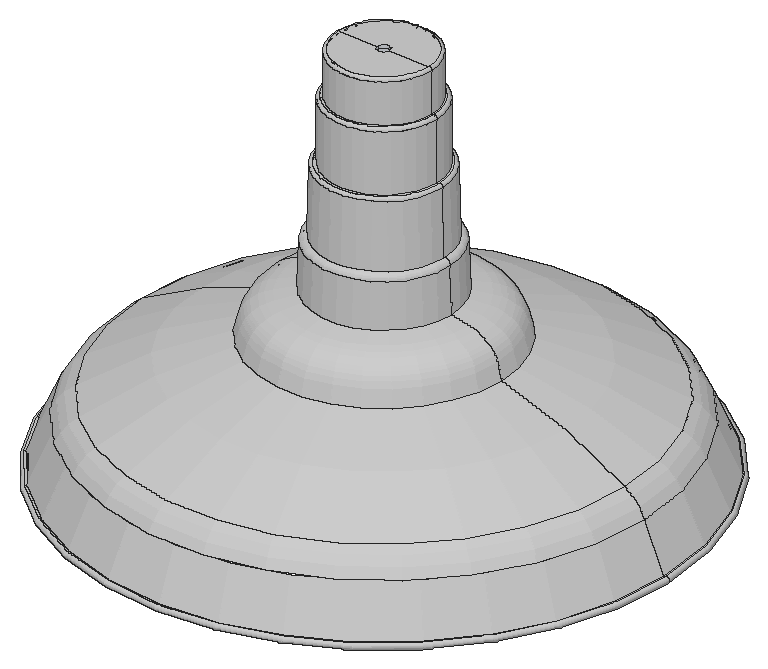
Revit family "W524 SHADE", category Lighting Fixtures, Revit 2024
Family settings
  Round Connector Dimension = Use Diameter
  Part Type = Normal
  OmniClass Number = 23.80.70.00
  OmniClass Title = Lighting
  Work Plane-Based = No
  Always vertical = Yes
  Cut with Voids When Loaded = No
  Light Source = Yes
  Maintain Annotation Orientation = No
  Shared = No
  Room Calculation Point = No
Parameters
  Wattage = 12.1178 W
  built-in parameter 1150110 = 1 (stored number, unit not read)
  built-in parameter 1114217 = 1 (stored number, unit not read)
  built-in parameter 1150109 = 1 (stored number, unit not read)
  built-in parameter 1150134 = (empty or 0)
  built-in parameter 1150113 = 1 (stored number, unit not read)
  Lumens = 1800 lm
  built-in parameter 1150115 = 1 (stored number, unit not read)
  built-in parameter 1150105 = 572.96 (stored number, unit not read)
  Light Source Symbol Size = 2' - 0"
  built-in parameter 1150137 = (empty or 0)
  built-in parameter 1150139 = (empty or 0)
  built-in parameter 1150112 = 1 (stored number, unit not read)
  built-in parameter 1150114 = 1 (stored number, unit not read)
  built-in parameter 1150132 = 2
  built-in parameter 1150102 = (empty or 0)
  built-in parameter 1150138 = (empty or 0)
  built-in parameter 1150107 = 3000 (stored number, unit not read)
  built-in parameter 1150106 = 5.7296 (stored number, unit not read)
  built-in parameter 1150104 = 13.8 (stored number, unit not read)
  Dimming Lamp Color Temperature Shift = (empty or 0)
  Default Elevation = 0' - 0"
  Color Filter = 16777215
  built-in parameter 1114218 = 1 (stored number, unit not read)
  built-in parameter 1150133 = 10 (stored number, unit not read)
Reference planes (in)
  plane 1 "Light Source Axis (F/B)": y = 0
  plane 2: z = 0
  plane 3 "Light Source Axis (L/R)": x = 0
  plane 4 "Light Source Elevation": z = 84
Forms (in)
  Revolve 1, solid
    sketch origin (0, 0, 0) x (1, 0, 0) y (0, 0, 1)
      loop
        line (-0.25, 100) -> (-1.89838, 100)
        arc (-1.89838, 100) -> (-1.98177, 99.96546) -> (-2.01631, 99.88206) r 0.11794
        line (-2.01631, 99.88206) -> (-2.01631, 98.24411) -> (-2.10903, 98.24411)
        arc (-2.10903, 98.24411) -> (-2.19741, 98.2075) -> (-2.23403, 98.11911) r 0.125
        line (-2.23403, 98.11911) -> (-2.23403, 95.74411) -> (-2.3524, 95.74411)
        arc (-2.3524, 95.74411) -> (-2.43965, 95.70864) -> (-2.47741, 95.62235) r 0.12504
        line (-2.47741, 95.62235) -> (-2.54587, 93.01911)
        arc (-2.54587, 93.01911) -> (-2.71991, 92.94858) -> (-2.79575, 92.77678) r 0.25
        line (-2.79575, 92.77678) -> (-2.8509, 90.9795)
        spline (-2.8509, 90.9795) -> (-3.21708, 90.91467) -> (-3.54797, 90.84162) -> (-3.815, 90.76262) -> (-4.02124, 90.67867) -> (-4.18592, 90.59005) -> (-4.32614, 90.49359) -> (-4.45573, 90.38219) -> (-4.57655, 90.24992) -> (-4.68141, 90.09004) -> (-4.77869, 89.87944) -> (-4.8801, 89.59064) -> (-4.96869, 89.21911)
        arc (-4.96869, 89.21911) -> (-7.64497, 88.31262) -> (-10.15766, 87.02011) r 19.0438
        arc (-10.15766, 87.02011) -> (-10.64395, 86.62632) -> (-10.98475, 86.10153) r 2
        line (-10.98475, 86.10153) -> (-11.8091, 84.25) -> (-11.875, 84.25)
        arc (-11.875, 84.25) -> (-11.95499, 84.02895) -> (-11.75206, 84.14761) r 0.125
        line (-11.75206, 84.14761) -> (-10.8991, 86.0634)
        arc (-10.8991, 86.0634) -> (-10.57388, 86.56403) -> (-10.10975, 86.93951) r 1.90625
        arc (-10.10975, 86.93951) -> (-7.58088, 88.23793) -> (-4.88623, 89.14345) r 18.95005
        spline (-4.88623, 89.14345) -> (-4.80252, 89.51707) -> (-4.70477, 89.80684) -> (-4.61222, 90.01253) -> (-4.51403, 90.16373) -> (-4.39903, 90.29061) -> (-4.27357, 90.39941) -> (-4.13685, 90.49393) -> (-3.97235, 90.58259) -> (-3.76169, 90.66805) -> (-3.48304, 90.75068) -> (-3.13741, 90.82893) -> (-2.75958, 90.89898)
        line (-2.75958, 90.89898) -> (-2.70205, 92.7739)
        arc (-2.70205, 92.7739) -> (-2.61537, 92.90905) -> (-2.45531, 92.89644) r 0.15625
        line (-2.45531, 92.89644) -> (-2.38369, 95.61989)
        arc (-2.38369, 95.61989) -> (-2.37424, 95.64148) -> (-2.3524, 95.65036) r 0.03129
        line (-2.3524, 95.65036) -> (-2.14028, 95.65036) -> (-2.14028, 98.11911)
        arc (-2.14028, 98.11911) -> (-2.13112, 98.14121) -> (-2.10903, 98.15036) r 0.03125
        line (-2.10903, 98.15036) -> (-1.92256, 98.15036) -> (-1.92256, 99.88206)
        arc (-1.92256, 99.88206) -> (-1.91548, 99.89917) -> (-1.89838, 99.90625) r 0.02419
        line (-1.89838, 99.90625) -> (-0.25, 99.90625) -> (-0.25, 100)
      axis (0, 84.14761) -> (0, 100)
    angle from 0 to 360
Dimensions and locks (in)
  aligned and locked: plane 3 "Light Source Axis (L/R)" to imposter light
  aligned and locked: plane 1 "Light Source Axis (F/B)" to imposter light
  aligned and locked: plane 4 "Light Source Elevation" to imposter light
  aligned and locked: level to plane 2
